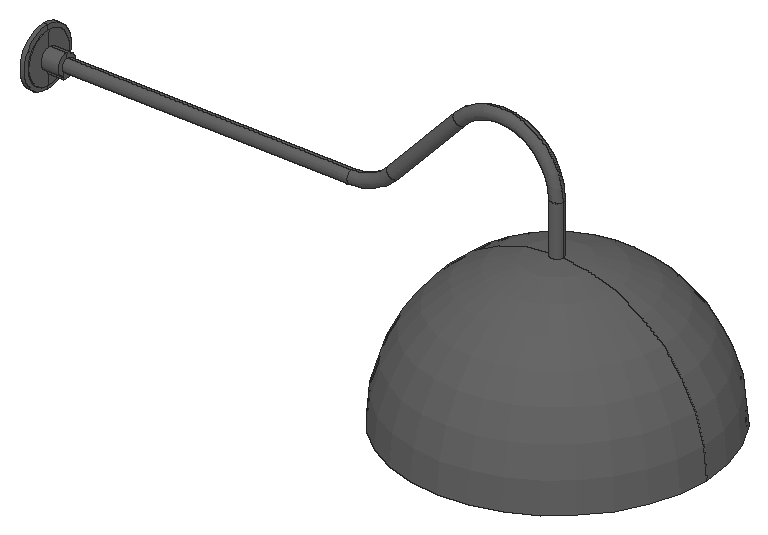
Revit family "OSSD 20,24,36,42 MB", category Lighting Fixtures, Revit 2020
Family settings
  Round Connector Dimension = Use Diameter
  Part Type = Normal
  OmniClass Number = 23.80.70.00
  OmniClass Title = Lighting
  Work Plane-Based = No
  Always vertical = Yes
  Cut with Voids When Loaded = No
  Light Source = Yes
  Shared = No
  Room Calculation Point = No
Parameters (values of type "OSSD24")
  b = 0' - 2"
  a = 0' - 10"
  Weight = "10.0 lbs"
  Wattage Comments = "200 W MAX"  # constant formula
  Wattage = 20.1963 W
  Warranty = "5 year limited warranty"  # constant formula
  built-in parameter 1150110 = 1 (stored number, unit not read)
  Voltage = 277 V  # constant formula
  URL = "https://www.anplighting.com/assets/Uploads/product-attachments/specification-sheets/ANP-Specification-Sheet-RLM-MB-OSSD24..pdf"
  built-in parameter 1114217 = 1 (stored number, unit not read)
  Tilt Angle = 90.00°
  built-in parameter 1150109 = 1 (stored number, unit not read)
  built-in parameter 1150134 = 12
  built-in parameter 1150113 = 1 (stored number, unit not read)
  Photometric Web File = "OSSD30M037LDDW35K.ies"
  OSSD42 = no
  OSSD36 = no
  OSSD30 = no
  OSSD24 = yes
  Mounting Option [instance] = 4
  Power Factor = 1
  Post Mount [instance] = Mounting Option = 5  # no
  Placement X axis side [instance] = if(Post Mount, 2' 2 15/32", if(Cord or Stem Mount, 0' 0", if(E36 20 inch, 1' 8 1/4", if(E 6 26 inch, 2' 2", if(E7 41 inch, 3' 5 1/4", 0' 1")))))  # 3' - 5 1/4"
  Model = "OSSD24"
  Manufacturer = "ANP Lighting"  # constant formula
  built-in parameter 1150105 = 238.73 (stored number, unit not read)
  Lumens = 3000 lm
  built-in parameter 1150115 = 1 (stored number, unit not read)
  Load Classification = Lighting
  Light Source Height [instance] = 0' - 0"
  built-in parameter 1150137 = (empty or 0)
  built-in parameter 1150139 = (empty or 0)
  Light Elevation _2 [instance] = if(Post Mount, 0' 0.66142", if(E7 41 inch, 0' 0.66142", if(E36 20 inch, 0' 1.65748", if(E 6 26 inch, 0' 1.53543", if(Cord or Stem Mount, (0' 4.3622" + Cord Length), 0' 0")))))  # 0' - 0.66142"
  Light Elevation _1 [instance] = if(Post Mount, 0' 0", if(E7 41 inch, 0' 0", if(E36 20 inch, 0' 1", if(E 6 26 inch, 0' 0.87402", if(Cord or Stem Mount, (0' 3.66142" + Cord Length), 0' 0")))))  # 0' - 0"
  Light Elevation [instance] = if(Post Mount, 14' 0.5315", if(E7 41 inch, 0' 0", 0' 0"))  # 0' - 0"
  Life = "L70 50,000 hours"  # constant formula
  built-in parameter 1150112 = 1 (stored number, unit not read)
  built-in parameter 1150114 = 1 (stored number, unit not read)
  Lamp = "MB"  # constant formula
  built-in parameter 1150132 = 2
  built-in parameter 1150102 = (empty or 0)
  built-in parameter 1150107 = 4000 (stored number, unit not read)
  built-in parameter 1150138 = (empty or 0)
  built-in parameter 1150106 = 2.3873 (stored number, unit not read)
  INSIDE BODY = Default
  Fixture Height = 1' - 0"
  Fixture Diameter = 2' - 0"
  Efficiency = "65-125 lumens per watt"  # constant formula
  built-in parameter 1150104 = 13.8 (stored number, unit not read)
  E7 41 inch [instance] = Mounting Option = 4  # yes
  E36 20 inch [instance] = Mounting Option = 3  # no
  E 6 26 inch [instance] = Mounting Option = 2  # no
  Dimming Lamp Color Temperature Shift = <None>
  Dimming = "1%"  # constant formula
  Description = "120-277 Voltage"  # constant formula
  Default Elevation = 0' - 0"
  Cord or Stem Mount [instance] = Mounting Option = 1  # no
  Cord Length option [instance] = 0
  Cord Length [instance] = if([2' Cord], 2' 0", if([4' Cord], 4' 0", if([8' Cord], 8' 0", if([10' Cord], 10' 0", if([6' Cord], 6' 0", 6' 0")))))  # 6' - 0"
  Construction Material = "Heavy Duty spun aluminum."  # constant formula
  Color Filter = 16777215
  Canopy Body = body
  CRI = ">90"  # constant formula
  Bulb = BULB
  Body Material = body
  Body Colour = "Spun aluminium"  # constant formula
  built-in parameter 1114218 = 1 (stored number, unit not read)
  built-in parameter 1150133 = 10 (stored number, unit not read)
  Apparent Load = 200 VA  # constant formula
  8' Cord [instance] = Cord Length option = 8  # no
  6' Cord [instance] = Cord Length option = 6  # no
  4' Cord [instance] = Cord Length option = 4  # no
  2' Cord [instance] = Cord Length option = 2  # no
  10' Cord [instance] = Cord Length option = 10  # no
Types (5): name | a | Weight | Wattage | URL | built-in parameter 1150134 | Photometric Web File | OSSD42 | OSSD36 | OSSD30 | OSSD24 | Model | built-in parameter 1150105 | Lumens | built-in parameter 1150107 | built-in parameter 1150106 | Fixture Height | Fixture Diameter
  (no name) | 0' - 10" | "10.0 lbs" | 20.1963 W | "https://www.anplighting.com/assets/Uploads/product-attachments/specification-sheets/ANP-Specification-Sheet-RLM-MB-OSSD24..pdf" | 12 | "OSSD30M037LDDW35K.ies" | no | no | no | yes | "OSSD24" | 238.73 (stored number, unit not read) | 3000 lm | 4000 (stored number, unit not read) | 2.3873 (stored number, unit not read) | 1' - 0" | 2' - 0"
  OSSD24 | 0' - 10" | "10.0 lbs" | 20.1963 W | "https://www.anplighting.com/assets/Uploads/product-attachments/specification-sheets/ANP-Specification-Sheet-RLM-MB-OSSD24..pdf" | 12 | "OSSD30M037LDDW35K.ies" | no | no | no | yes | "OSSD24" | 238.73 (stored number, unit not read) | 3000 lm | 4000 (stored number, unit not read) | 2.3873 (stored number, unit not read) | 1' - 0" | 2' - 0"
  OSSD30 | 0' - 11" | "13.0 lbs" | 26.9284 W | "https://www.anplighting.com/assets/Uploads/product-attachments/specification-sheets/ANP-Specification-Sheet-RLM-MB-OSSD30.pdf" | (empty or 0) | "OSSD30M037LDDW35K.ies" | no | no | yes | no | "OSSD30" | 4000 (stored number, unit not read) | 4000 lm | 3500 (stored number, unit not read) | 40 (stored number, unit not read) | 1' - 0" | 2' - 0"
  OSSD36 | 0' - 10" | "18.0 lbs" | 26.9284 W | "https://www.anplighting.com/assets/Uploads/product-attachments/specification-sheets/ANP-Specification-Sheet-RLM-MB-OSSD36.pdf" | (empty or 0) | "OSSD36M037LDDW35K.ies" | no | yes | no | no | "OSSD36" | 4000 (stored number, unit not read) | 4000 lm | 3500 (stored number, unit not read) | 40 (stored number, unit not read) | 1' - 6" | 3' - 0"
  OSSD42 | 0' - 10" | "23.5lbs" | 26.9284 W | "https://www.anplighting.com/assets/Uploads/product-attachments/specification-sheets/ANP-Specification-Sheet-RLM-MB-OSSD42.pdf" | (empty or 0) | "OSSD42M037LDDW35K.ies" | yes | no | no | no | "OSSD42" | 4000 (stored number, unit not read) | 4000 lm | 3500 (stored number, unit not read) | 40 (stored number, unit not read) | 1' - 9" | 3' - 6"
Reference planes (in)
  plane 1 "Light Source Axis (F/B)": y = 0
  plane 2: z = 0
  plane 3 "Light Source Axis (L/R)": x = 0
  plane 4 "Light Source Elevation": z = 0
  plane 5: z = 0
  plane 6: x = 41.25
  plane 7 "Bulb Position": z = -0.66142
  plane 8 "Canopy Position": z = 0
  plane 9 "IES": z = -0.66142
  plane 10: z = 164.5315
  plane 11: z = -10
  plane 12: z = -8
  plane 13: z = -5.56887
Dimensions and locks (in)
  "Light Elevation": plane 5 to plane 2
  "Placement X axis side": plane 6 to plane 3 "Light Source Axis (L/R)"
  "Light Elevation _2": plane 5 to plane 7 "Bulb Position"
  "Light Elevation _1": plane 5 to plane 8 "Canopy Position"
  "Light Source Height": plane 7 "Bulb Position" to plane 9 "IES"
  plane 4 "Light Source Elevation" to plane 2 = 0' - 0"
  "a": plane 8 "Canopy Position" to plane 11
  "b": plane 12 to plane 11
  locked: plane 13 to plane 12 at 2.43113
  aligned and locked: level to plane 2
  aligned and locked: plane 1 "Light Source Axis (F/B)" to nested 5
  aligned and locked: nested 5 to plane 2
  aligned and locked: nested 1 to plane 3 "Light Source Axis (L/R)"
  aligned and locked: plane 3 "Light Source Axis (L/R)" to nested 2
  aligned and locked: plane 3 "Light Source Axis (L/R)" to nested 4
  aligned and locked: nested 3 to plane 5
  aligned and locked: plane 3 "Light Source Axis (L/R)" to nested 3
  aligned and locked: plane 3 "Light Source Axis (L/R)" to nested 5
  aligned and locked: plane 1 "Light Source Axis (F/B)" to nested 2
  aligned and locked: plane 1 "Light Source Axis (F/B)" to nested 1
  aligned and locked: plane 1 "Light Source Axis (F/B)" to nested 4
  aligned and locked: plane 1 "Light Source Axis (F/B)" to nested 3
  aligned and locked: plane 2 to nested 1
  aligned and locked: nested 2 to plane 2
  aligned and locked: nested 4 to plane 2
  aligned and locked: plane 6 to imposter light
  aligned and locked: imposter light to plane 12
  aligned and locked: nested 6 to plane 8 "Canopy Position"
  aligned and locked: nested 7 to plane 8 "Canopy Position"
  aligned and locked: nested 8 to plane 8 "Canopy Position"
  aligned and locked: plane 6 to nested 6
  aligned and locked: plane 6 to nested 7
  aligned and locked: plane 6 to nested 8
  aligned and locked: nested 9 to plane 8 "Canopy Position"
  aligned and locked: plane 6 to nested 9
  aligned and locked: plane 1 "Light Source Axis (F/B)" to nested 9
Nested families (in)
  nested 1: "CORD OR STEM MOUNT" at (0, 0, -75.67), visible <- "Cord or Stem Mount", Cord or Stem Mount <- "Cord or Stem Mount", Body Material <- "Body Material", Light Elevation <- "Light Elevation", Cord Length <- "Cord Length", 10' Cord <- "10' Cord", 2' Cord <- "2' Cord", 4' Cord <- "4' Cord", 6' Cord <- "6' Cord", 8' Cord <- "8' Cord", type "CORD OR STEM MOUNT"
    with Light Elevation 0' - 0", Cord or Stem Mount no, Cord Length 6' - 0", Body Material body, 8' Cord no, 6' Cord no, 4' Cord no, 2' Cord no, 10' Cord no
  nested 2: "E6 26 INCH" at (41.25, 0, 0), visible <- "E 6 26 inch", Chain Length <- "Cord Length", E 6 26 inch <- "E 6 26 inch", Placement X axis side <- "Placement X axis side", Body Material <- "Body Material", Light Elevation <- "Light Elevation", type "E6 26 INCH"
    with Placement X axis side 3' - 5 1/4", Light Elevation 0' - 0", E 6 26 inch no, Chain Length 6' - 0", Body Material body
  nested 3: "E7 41 INCH" at (41.25, 0, 0), Chain Length <- "Cord Length", visible <- "E7 41 inch", E7 41 inch <- "E7 41 inch", Placement X axis side <- "Placement X axis side", Body Material <- "Body Material", Light Elevation <- "Light Elevation", type "E7 41 INCH"
    with Placement X axis side 3' - 5 1/4", Light Elevation 0' - 0", E7 41 inch yes, Chain Length 6' - 0", Body Material body
  nested 4: "E36 20 INCH" at (41.25, 0, 0), visible <- "E36 20 inch", E36 20 inch <- "E36 20 inch", Placement X axis side <- "Placement X axis side", Chain Length <- "Cord Length", Body Material <- "Body Material", Light Elevation <- "Light Elevation", type "E36 20 INCH"
    with Placement X axis side 3' - 5 1/4", Light Elevation 0' - 0", E36 20 inch no, Chain Length 6' - 0", Body Material body
  nested 5: "POST MOUNT" at (41.25, 0, 0), visible <- "Post Mount", Post Mount <- "Post Mount", Placement X axis side <- "Placement X axis side", Chain Length <- "Cord Length", Body Material <- "Body Material", Light Elevation <- "Light Elevation", type "POST MOUNT"
    with Post Mount no, Placement X axis side 3' - 5 1/4", Light Elevation 0' - 0", Chain Length 6' - 0", Body Material body
  nested 6: "OSSD 30 A" at (41.25, 0, 0), Light Elevation <- "Light Elevation", Bulb <- "Bulb", Body <- "Canopy Body", OSSD30 <- "OSSD30", visible <- "OSSD30", INSIDE BODY <- "Canopy Body", type "OSSD 30 A"
    with OSSD30 no, Light Elevation 0' - 0", INSIDE BODY body, Bulb BULB, Body body
  nested 7: "OSSD 36 A" at (41.25, 0, 0.11044), Light Elevation <- "Light Elevation", Bulb <- "Bulb", Body <- "Canopy Body", OSSD36 <- "OSSD36", visible <- "OSSD36", INSIDE BODY <- "Canopy Body", type "OSSD 36 A"
    with OSSD36 no, Light Elevation 0' - 0", INSIDE BODY body, Bulb BULB, Body body
  nested 8: "OSSD42 A" at (41.25, 0, 0), Light Elevation <- "Light Elevation", Bulb <- "Bulb", Body <- "Canopy Body", OSSD42 <- "OSSD42", visible <- "OSSD42", INSIDE BODY <- "Canopy Body", type "OSSD42 A"
    with OSSD42 no, Light Elevation 0' - 0", INSIDE BODY body, Bulb BULB, Body body
  nested 9: "OSSD 24 A" at (41.25, 0, 0), OSSD24 <- "OSSD24", visible <- "OSSD24", Body <- "Canopy Body", Bulb <- "Bulb", INSIDE BODY <- "Canopy Body", Light Elevation <- "Light Elevation", type "OSSD 24 A"
    with OSSD24 yes, Light Elevation 0' - 0", INSIDE BODY body, Bulb BULB, Body body
Definition of nested family "E7 41 INCH"
  Parameters (values of type "E7 41 INCH")
    URL = ""
    Placement X axis side [instance] = 4' - 2"
    Model = ""
    Manufacturer = ""
    Light Elevation [instance] = 8' - 4"
    E7 41 inch [instance] = yes
    Default Elevation = 0' - 0"
    Chain Length [instance] = 0' - 0"
    Body Material [instance] = none
  Reference planes (in)
    plane 1 "Light Source Axis (F/B)": y = 0
    plane 2: z = 0
    plane 3 "Light Source Axis (L/R)": x = 0
    plane 4 "Light Source Elevation": z = 23.125
    plane 5: z = 100
    plane 6: x = -50
  Forms (in)
    Extrusion 1, void, not visible
      sketch origin (0, 0, 2.38154) x (1, 0, 0) y (0, 0, 1)
        loop
          circle (0, 4.59925) r 0.16583
      from 1.18594 to 1.75
    Extrusion 2, void, not visible
      sketch origin (0, 0, 2.38154) x (0.707107, -0.707107, 0) y (0, 0, 1)
        loop
          circle (0, 4.59925) r 0.16583
      from 1.18594 to 1.75
    Extrusion 3, void, not visible
      sketch origin (0, 0, 2.38154) x (0.707107, 0.707107, 0) y (0, 0, 1)
        loop
          circle (0, 4.59925) r 0.16583
      from 1.18594 to 1.75
    Extrusion 4, void, not visible
      sketch origin (0, 0, 2.38154) x (0, 1, 0) y (0, 0, 1)
        loop
          circle (0, 4.59925) r 0.16583
      from 1.18594 to 1.75
    Extrusion 5, void, not visible
      sketch origin (0, 0, 2.38154) x (-0.707107, 0.707107, 0) y (0, 0, 1)
        loop
          circle (0, 4.59925) r 0.16583
      from 1.18594 to 1.75
    Extrusion 6, void, not visible
      sketch origin (0, 0, 2.38154) x (-1, 0, 0) y (0, 0, 1)
        loop
          circle (0, 4.59925) r 0.20678
      from 1.18594 to 1.75
    Extrusion 7, void, not visible
      sketch origin (0, 0, 2.38154) x (-0.707107, -0.707107, 0) y (0, 0, 1)
        loop
          circle (0, 4.59925) r 0.16583
      from 1.18594 to 1.75
    Extrusion 8, void, not visible
      sketch origin (0, 0, 2.38154) x (0, -1, 0) y (0, 0, 1)
        loop
          circle (0, 4.59925) r 0.16583
      from 1.18594 to 1.75
    Revolve 9, solid, material <- "Body Material", visible <- "E7 41 inch"
      sketch origin (-41.25, 0, 168.39193) x (1, 0, 0) y (0, 0, 1)
        loop
          line (-8.75, -66.20443) -> (-8.75, -68.51693) -> (-6.87, -68.51693) -> (-6.87, -67.69272) -> (-8.2974, -67.69272) -> (-8.2974, -66.54122) -> (-8.41875, -66.54122) -> (-8.41875, -66.20443) -> (-8.75, -66.20443)
        axis (-8.75, -68.51693) -> (-6.87, -68.51693)
      angle from 0 to 360
    Extrusion 10, solid, material <- "Body Material", visible <- "E7 41 inch"
      sketch origin (-41.25, 0, 168.39193) x (0, -1, 0) y (0, 0, -1)
        loop
          line (0.25, 68.51693) -> (0.25, 69.51693) -> (-0.25, 69.51693) -> (-0.25, 68.51693) -> (0.25, 68.51693)
      from -8.2974 to -6.87
    Sweep 11, solid, material <- "Body Material", visible <- "E7 41 inch"
      path origin (-41.25, 0, 168.39193) x (1, 0, 0) y (0, 0, 1)
        loop
          line (-6.87, -68.51693) -> (16.04011, -68.51693)
          arc (16.04011, -68.51693) -> (17.864, -68.13651) -> (19.38375, -67.0587) r 4.5625
          line (19.38375, -67.0587) -> (24.70217, -61.33018)
          arc (24.70217, -61.33018) -> (29.64465, -60.20324) -> (32.5, -64.39193) r 4.5
          line (32.5, -64.39193) -> (32.5, -68.39193)
      profile origin (-36.66494, 0, 99.875) x (0, 0, 1) y (0, -1, 0)
        loop
          circle (0, 0) r 0.5
  Dimensions and locks (in)
    "Placement X axis side": plane 3 "Light Source Axis (L/R)" to plane 6
    "Light Elevation": plane 5 to plane 2
    locked: Revolve 9 sketch curve to Revolve 9 sketch curve at 0.33125
    locked: Revolve 9 sketch curve to Revolve 9 sketch curve at 0.4526
    locked: Revolve 9 sketch curve to Revolve 9 sketch curve at 1.88
    locked: Revolve 9 sketch curve to Revolve 9 sketch curve at 0.82421
    locked: Revolve 9 sketch curve to Revolve 9 sketch curve at 1.1515
    locked: Revolve 9 sketch curve to Revolve 9 sketch curve at 0.33679
    locked: plane 5 to Revolve 9 sketch curve at 0.125
    locked: Extrusion 10 sketch curve to Extrusion 10 sketch curve at 0.5
    locked: Extrusion 10 sketch curve to Extrusion 10 sketch curve at 1
    locked: plane 5 to Extrusion 10 sketch curve at 0.125
    locked: plane 5 to Sweep 11 sketch curve at 0.125
    locked: Sweep 11 sketch curve to Sweep 11 sketch curve at 39.37
    locked: Sweep 11 sketch curve to Sweep 11 sketch curve at 4
    locked: plane 6 to Extrusion 10 at 0.4526
    locked: Sweep 11 sketch curve to plane 6 at 1.88
    locked: Extrusion 10 to Extrusion 10 at 1.4274
    aligned and locked: plane 2 to level
    aligned and locked: Revolve 9 sketch curve to plane 6
  Automatic sketch dimensions
    Revolve 9 sketch curve to plane 5 = 0' - 0 1/8"
    plane 6 to Revolve 9 sketch curve = 0' - 0.62562"
    Revolve 9 sketch curve to Revolve 9 sketch curve = 0' - 0 1/2"
    plane 1 "Light Source Axis (F/B)" to Extrusion 10 sketch curve = 0' - 0 1/4"
    Sweep 11 sketch curve to plane 5 = 0' - 0"
    Sweep 11 sketch curve to Sweep 11 sketch curve = 0' - 4 1/2"
    Sweep 11 sketch curve to Sweep 11 sketch curve = 0' - 3.29783"
    plane 5 to Sweep 11 sketch curve = 0' - 1.33323"
    Sweep 11 sketch curve to Sweep 11 sketch curve = 0' - 5.31842"
    Sweep 11 sketch curve to Sweep 11 sketch curve = 0' - 3.34364"
    profile plane to Sweep 11 sketch curve = 0' - 0"
    Sweep 11 sketch curve to profile plane = 0' - 0"
    radius of Sweep 11 sketch curve = 0' - 0 1/2"
Definition of nested family "OSSD 24 A"
  Parameters (values of type "OSSD 24 A")
    OSSD24 [instance] = yes
    Light Elevation [instance] = 0' - 0"
    INSIDE BODY [instance] = none
    Default Elevation = 0' - 0"
    Bulb [instance] = none
    Body [instance] = none
  Reference planes (in)
    plane 1 "Center (Front/Back)": y = 0
    plane 2: z = 0
    plane 3 "Center (Left/Right)": x = 0
    plane 4: z = 0
  Dimensions and locks (in)
    "Light Elevation": plane 4 to plane 2
    aligned and locked: plane 2 to level
    aligned and locked: plane 3 "Center (Left/Right)" to nested 1
    aligned and locked: plane 1 "Center (Front/Back)" to nested 1
    aligned and locked: nested 1 to plane 4
  Nested families (in)
    nested 1: "OSSD24" at (0, 0, -11.9993), INSIDE BODY <- "INSIDE BODY", Bulb <- "Bulb", Body <- "Body", OSSD24 <- "OSSD24", visible <- "OSSD24", type "OSSD24"
      with OSSD24 yes, INSIDE BODY none, Bulb none, Body none
  Definition of nested family "OSSD24"
    Parameters (values of type "OSSD24")
      OSSD24 [instance] = yes
      INSIDE BODY [instance] = none
      Default Elevation = 0' - 0"
      Bulb [instance] = none
      Body [instance] = none
    Reference planes (in)
      plane 1 "Center (Front/Back)": y = 0
      plane 2: z = 0
      plane 3 "Center (Left/Right)": x = 0
    Forms (in)
      Revolve 1, solid, material <- "Body", visible <- "OSSD24"
        sketch origin (0, 0, 0) x (1, 0, 0) y (0, 0, 1)
          loop
            arc (-0.13, 11.9993) -> (-8.53112, 8.43919) -> (-12, 0) r 12
            line (-12, 0) -> (-11.92187, 0)
            arc (-11.92187, 0) -> (-8.47588, 8.38395) -> (-0.13, 11.92117) r 11.92188
            line (-0.13, 11.92117) -> (-0.13, 11.9993)
          axis (0, 11.9993) -> (0, 0)
        angle from 0 to 360
      Revolve 2, solid, material <- "INSIDE BODY", visible <- "OSSD24"
        sketch origin (0.11071, 0, 0) x (1, 0, 0) y (0, 0, 1)
          loop
            arc (-0.13, 11.8743) -> (-8.48705, 8.35851) -> (-11.99935, 0) r 12
            line (-11.99935, 0) -> (-11.92122, 0)
            arc (-11.92122, 0) -> (-8.43181, 8.30327) -> (-0.13, 11.79617) r 11.92188
            line (-0.13, 11.79617) -> (-0.13, 11.8743)
          axis (-0.11071, 11.8743) -> (-0.11071, 0)
        angle from 0 to 360
      Revolve 3, solid, material <- "Bulb", visible <- "OSSD24"
        sketch origin (0, 0, 0) x (1, 0, 0) y (0, 0, 1)
          loop
            line (0, 10) -> (0.5625, 10) -> (0.5625, 11) -> (0.22656, 11) -> (0.22656, 11.25) -> (0, 11.25) -> (0, 11.15) -> (0.12656, 11.15) -> (0.12656, 10.9) -> (0.4625, 10.9) -> (0.4625, 10.1) -> (0, 10.1) -> (0, 10)
          axis (0, 10) -> (0, 11.25)
        angle from 0 to 360
    Dimensions and locks (in)
      locked: Revolve 3 to plane 2 at 10
      aligned and locked: plane 2 to level
      aligned and locked: plane 2 to Revolve 1 sketch curve
Definition of nested family "CORD OR STEM MOUNT"
  Parameters (values of type "CORD OR STEM MOUNT")
    URL = ""
    Model = ""
    Manufacturer = ""
    Light Elevation [instance] = 1' - 7.69"
    Default Elevation = 0' - 0"
    Cord or Stem Mount [instance] = yes
    Cord Length [instance] = 6' - 0"
    Body Material [instance] = none
    8' Cord [instance] = no
    6' Cord [instance] = no
    4' Cord [instance] = no
    2' Cord [instance] = no
    10' Cord [instance] = no
  Reference planes (in)
    plane 1 "Light Source Axis (F/B)": y = 0
    plane 2: z = 0
    plane 3 "Light Source Axis (L/R)": x = 0
    plane 4 "Light Source Elevation": z = 23.125
    plane 5: z = 91.69
    plane 6: z = 19.69
  Forms (in)
    Extrusion 1, void, not visible
      sketch origin (0, 0, 2.38154) x (1, 0, 0) y (0, 0, 1)
        loop
          circle (0, 4.59925) r 0.16583
      from 1.18594 to 1.75
    Extrusion 2, void, not visible
      sketch origin (0, 0, 2.38154) x (0.707107, -0.707107, 0) y (0, 0, 1)
        loop
          circle (0, 4.59925) r 0.16583
      from 1.18594 to 1.75
    Extrusion 3, void, not visible
      sketch origin (0, 0, 2.38154) x (0.707107, 0.707107, 0) y (0, 0, 1)
        loop
          circle (0, 4.59925) r 0.16583
      from 1.18594 to 1.75
    Extrusion 4, void, not visible
      sketch origin (0, 0, 2.38154) x (0, 1, 0) y (0, 0, 1)
        loop
          circle (0, 4.59925) r 0.16583
      from 1.18594 to 1.75
    Extrusion 5, void, not visible
      sketch origin (0, 0, 2.38154) x (-0.707107, 0.707107, 0) y (0, 0, 1)
        loop
          circle (0, 4.59925) r 0.16583
      from 1.18594 to 1.75
    Extrusion 6, void, not visible
      sketch origin (0, 0, 2.38154) x (-1, 0, 0) y (0, 0, 1)
        loop
          circle (0, 4.59925) r 0.20678
      from 1.18594 to 1.75
    Extrusion 7, void, not visible
      sketch origin (0, 0, 2.38154) x (-0.707107, -0.707107, 0) y (0, 0, 1)
        loop
          circle (0, 4.59925) r 0.16583
      from 1.18594 to 1.75
    Extrusion 8, void, not visible
      sketch origin (0, 0, 2.38154) x (0, -1, 0) y (0, 0, 1)
        loop
          circle (0, 4.59925) r 0.16583
      from 1.18594 to 1.75
    Revolve 9, solid, material <- "Body Material", visible <- "Cord or Stem Mount"
      sketch origin (0, 0, 174.56698) x (1, 0, 0) y (0, 0, 1)
        loop
          line (2.6875, -79.20698) -> (0, -79.20698) -> (0, -82.87698) -> (0.125, -82.87698) -> (0.125, -82.83698) -> (0.75, -82.83698)
          arc (0.75, -82.83698) -> (0.81694, -82.77004) -> (0.75, -82.7031) r 0.06694
          line (0.75, -82.7031) -> (0.89763, -82.7031) -> (1.00223, -82.5985) -> (1.06587, -82.5985)
          arc (1.06587, -82.5985) -> (1.80099, -82.29401) -> (2.10549, -81.55888) r 1.03962
          line (2.10549, -81.55888) -> (2.10549, -81.03899)
          arc (2.10549, -81.03899) -> (2.12951, -80.981) -> (2.1875, -80.95698) r 0.08201
          line (2.1875, -80.95698) -> (2.1875, -80.70698) -> (2.6875, -80.70698) -> (2.6875, -79.20698)
        axis (0, -79.20698) -> (0, -82.87698)
      angle from 0 to 360
    Revolve 10, solid, material <- "Body Material", visible <- "Cord or Stem Mount"
      sketch origin (0, 0, 0) x (1, 0, 0) y (0, 0, 1)
        loop
          line (0, 91.69) -> (-0.125, 91.69) -> (-0.125, 19.69) -> (0, 19.69) -> (0, 91.69)
        axis (0, 19.69) -> (0, 91.69)
      angle from 0 to 360
  Dimensions and locks (in)
    "Light Elevation": plane 6 to plane 2
    "Cord Length": plane 5 to plane 6
    locked: Revolve 10 sketch curve to Revolve 10 sketch curve at 0.125
    aligned and locked: level to plane 2
    aligned and locked: Revolve 10 sketch curve to plane 3 "Light Source Axis (L/R)"
    aligned and locked: Revolve 10 sketch curve to plane 6
    aligned and locked: Revolve 10 sketch curve to plane 5
    aligned and locked: plane 3 "Light Source Axis (L/R)" to Revolve 10 sketch curve
  Automatic sketch dimensions
    Revolve 9 sketch curve to plane 3 "Light Source Axis (L/R)" = 0' - 0"  (x2)
    Revolve 9 sketch curve to plane 5 = 0' - 0"
    plane 3 "Light Source Axis (L/R)" to Revolve 9 sketch curve = 0' - 0 1/8"
    Revolve 9 sketch curve to plane 5 = 0' - 0.17388"
    Revolve 9 sketch curve to Revolve 9 sketch curve = 0' - 0 5/8"
    Revolve 9 sketch curve to Revolve 9 sketch curve = 0' - 0.14763"
    Revolve 9 sketch curve to plane 5 = 0' - 0.27847"
    Revolve 9 sketch curve to Revolve 9 sketch curve = 0' - 0.1046"
    Revolve 9 sketch curve to Revolve 9 sketch curve = 0' - 0.06364"
    Revolve 9 sketch curve to Revolve 9 sketch curve = 0' - 1.03962"
    Revolve 9 sketch curve to Revolve 9 sketch curve = 0' - 0 21/256"
    Revolve 9 sketch curve to Revolve 9 sketch curve = 0' - 0 1/2"  (x2)
    Revolve 9 sketch curve to Revolve 9 sketch curve = 0' - 0.51989"
    Revolve 9 sketch curve to Revolve 9 sketch curve = 0' - 0 1/4"
    Revolve 9 sketch curve to Revolve 9 sketch curve = 0' - 2.3519"
    Revolve 9 sketch curve to Revolve 9 sketch curve = 0' - 1 1/4"
    Revolve 9 sketch curve to Revolve 9 sketch curve = 0' - 0.04"
    Revolve 10 sketch curve to Revolve 10 sketch curve = 0' - 0 1/2"
    Revolve 10 sketch curve to Revolve 10 sketch curve = 0' - 0.42345"
Definition of nested family "E6 26 INCH"
  Parameters (values of type "E6 26 INCH")
    URL = ""
    Placement X axis side [instance] = 2' - 2"
    Model = ""
    Manufacturer = ""
    Light Elevation [instance] = 8' - 4"
    E 6 26 inch [instance] = yes
    Default Elevation = 0' - 0"
    Chain Length [instance] = 0' - 0"
    Body Material [instance] = none
  Reference planes (in)
    plane 1 "Light Source Axis (F/B)": y = 0
    plane 2: z = 0
    plane 3 "Light Source Axis (L/R)": x = 0
    plane 4 "Light Source Elevation": z = 23.125
    plane 5: z = 100
    plane 6: x = -26
    plane 7: z = 99.125
    plane 8: x = -24.12
    plane 9: x = -25.5474
  Forms (in)
    Extrusion 1, void, not visible
      sketch origin (0, 0, 2.38154) x (1, 0, 0) y (0, 0, 1)
        loop
          circle (0, 4.59925) r 0.16583
      from 1.18594 to 1.75
    Extrusion 2, void, not visible
      sketch origin (0, 0, 2.38154) x (0.707107, -0.707107, 0) y (0, 0, 1)
        loop
          circle (0, 4.59925) r 0.16583
      from 1.18594 to 1.75
    Extrusion 3, void, not visible
      sketch origin (0, 0, 2.38154) x (0.707107, 0.707107, 0) y (0, 0, 1)
        loop
          circle (0, 4.59925) r 0.16583
      from 1.18594 to 1.75
    Extrusion 4, void, not visible
      sketch origin (0, 0, 2.38154) x (0, 1, 0) y (0, 0, 1)
        loop
          circle (0, 4.59925) r 0.16583
      from 1.18594 to 1.75
    Extrusion 5, void, not visible
      sketch origin (0, 0, 2.38154) x (-0.707107, 0.707107, 0) y (0, 0, 1)
        loop
          circle (0, 4.59925) r 0.16583
      from 1.18594 to 1.75
    Extrusion 6, void, not visible
      sketch origin (0, 0, 2.38154) x (-1, 0, 0) y (0, 0, 1)
        loop
          circle (0, 4.59925) r 0.20678
      from 1.18594 to 1.75
    Extrusion 7, void, not visible
      sketch origin (0, 0, 2.38154) x (-0.707107, -0.707107, 0) y (0, 0, 1)
        loop
          circle (0, 4.59925) r 0.16583
      from 1.18594 to 1.75
    Extrusion 8, void, not visible
      sketch origin (0, 0, 2.38154) x (0, -1, 0) y (0, 0, 1)
        loop
          circle (0, 4.59925) r 0.16583
      from 1.18594 to 1.75
    Sweep 9, solid, material <- "Body Material", visible <- "E 6 26 inch"
      path origin (-41.25, 0, 168.51693) x (1, 0, 0) y (0, 0, 1)
        loop
          line (17.13, -68.51693) -> (27.68551, -68.51693)
          arc (27.68551, -68.51693) -> (28.47996, -68.34486) -> (29.13202, -67.8595) r 1.92004
          line (29.13202, -67.8595) -> (34.23651, -62.01155)
          arc (34.23651, -62.01155) -> (38.65464, -60.89667) -> (41.25, -64.64193) r 4
          line (41.25, -64.64193) -> (41.25, -69.39193)
      profile origin (-18.84224, 0, 100) x (0, 0, 1) y (0, -1, 0)
        loop
          circle (0, 0) r 0.5
    Revolve 10, solid, material <- "Body Material", visible <- "E 6 26 inch"
      sketch origin (-26, 0, 168.51693) x (1, 0, 0) y (0, 0, 1)
        loop
          line (0, -66.07943) -> (0, -68.51693) -> (1.88, -68.51693) -> (1.88, -67.69272) -> (0.4526, -67.69272) -> (0.4526, -66.54122) -> (0.33125, -66.54122) -> (0.33125, -66.07943) -> (0, -66.07943)
        axis (0, -68.51693) -> (1.88, -68.51693)
      angle from 0 to 360
    Extrusion 11, solid, material <- "Body Material", visible <- "E 6 26 inch"
      sketch origin (-26, 0, 168.51693) x (0, -1, 0) y (0, 0, -1)
        loop
          line (0.25, 68.51693) -> (0.25, 69.51693) -> (-0.25, 69.51693) -> (-0.25, 68.51693) -> (0.25, 68.51693)
      from 0.4526 to 1.88
  Cuts and joins
    joined: Revolve 10, Extrusion 11
  Dimensions and locks (in)
    "Light Elevation": plane 5 to plane 2
    "Placement X axis side": plane 3 "Light Source Axis (L/R)" to plane 6
    locked: plane 5 to plane 7 at 0.875
    Revolve 10 sketch curve to Revolve 10 sketch curve to Revolve 10 sketch curve to plane 6 = 0' - 1.4274" locked, 0' - 0.12135" locked, 0' - 0.33125" locked
    Revolve 10 sketch curve to Revolve 10 sketch curve to Revolve 10 sketch curve to plane 5 = 0' - 0.46179" locked, 0' - 1.1515" locked, 0' - 0 211/256" locked
    locked: Sweep 9 sketch curve to plane 6 at 1.88
    locked: Sweep 9 sketch curve to Sweep 9 sketch curve at 10.55551
    locked: Sweep 9 sketch curve to Sweep 9 sketch curve at 13.56449
    locked: Sweep 9 sketch curve to Sweep 9 sketch curve at 4.75
    locked: plane 9 to plane 6 at 0.4526
    locked: plane 8 to plane 9 at 1.4274
    aligned and locked: level to plane 2
    aligned and locked: Revolve 10 sketch curve to plane 6
    aligned and locked: plane 5 to Revolve 10 sketch curve
    aligned and locked: Revolve 10 sketch curve to plane 5
    aligned and locked: cut or joined group of Revolve 10, Extrusion 11 to plane 9
    aligned and locked: plane 8 to cut or joined group of Revolve 10, Extrusion 11
  Automatic sketch dimensions
    Sweep 9 sketch curve to plane 5 = 0' - 0"
    Sweep 9 sketch curve to Sweep 9 sketch curve = 0' - 4"
    Sweep 9 sketch curve to Sweep 9 sketch curve = 0' - 3.01349"
    plane 5 to Sweep 9 sketch curve = 0' - 0.65743"
    Sweep 9 sketch curve to Sweep 9 sketch curve = 0' - 1.4465"
    Sweep 9 sketch curve to plane 5 = 0' - 0 7/8"
    profile plane to Sweep 9 sketch curve = 0' - 0"
    Sweep 9 sketch curve to profile plane = 0' - 0"
    plane 6 to Revolve 10 sketch curve = 0' - 0.62562"
    Revolve 10 sketch curve to Revolve 10 sketch curve = 0' - 0 1/2"
    Extrusion 11 sketch curve to plane 5 = 0' - 0"
    plane 1 "Light Source Axis (F/B)" to Extrusion 11 sketch curve = 0' - 0 1/4"
    Extrusion 11 sketch curve to plane 1 "Light Source Axis (F/B)" = 0' - 0 1/4"
    plane 5 to Extrusion 11 sketch curve = 0' - 1"
    radius of Sweep 9 sketch curve = 0' - 0 1/2"
Definition of nested family "E36 20 INCH"
  Parameters (values of type "E36 20 INCH")
    URL = ""
    Placement X axis side [instance] = 1' - 8 1/4"
    Model = ""
    Manufacturer = ""
    Light Elevation [instance] = 8' - 4"
    E36 20 inch [instance] = yes
    Default Elevation = 0' - 0"
    Chain Length [instance] = 0' - 0"
    Body Material [instance] = none
  Reference planes (in)
    plane 1 "Light Source Axis (F/B)": y = 0
    plane 2: z = 0
    plane 3 "Light Source Axis (L/R)": x = 0
    plane 4 "Light Source Elevation": z = 23.125
    plane 5: z = 99
    plane 6: x = -20.25
    plane 7: z = 100
    plane 8: x = -18.37008
    plane 9: x = -19.79724
  Forms (in)
    Extrusion 1, void, not visible
      sketch origin (0, 0, 2.38154) x (1, 0, 0) y (0, 0, 1)
        loop
          circle (0, 4.59925) r 0.16583
      from 1.18594 to 1.75
    Extrusion 2, void, not visible
      sketch origin (0, 0, 2.38154) x (0.707107, -0.707107, 0) y (0, 0, 1)
        loop
          circle (0, 4.59925) r 0.16583
      from 1.18594 to 1.75
    Extrusion 3, void, not visible
      sketch origin (0, 0, 2.38154) x (0.707107, 0.707107, 0) y (0, 0, 1)
        loop
          circle (0, 4.59925) r 0.16583
      from 1.18594 to 1.75
    Extrusion 4, void, not visible
      sketch origin (0, 0, 2.38154) x (0, 1, 0) y (0, 0, 1)
        loop
          circle (0, 4.59925) r 0.16583
      from 1.18594 to 1.75
    Extrusion 5, void, not visible
      sketch origin (0, 0, 2.38154) x (-0.707107, 0.707107, 0) y (0, 0, 1)
        loop
          circle (0, 4.59925) r 0.16583
      from 1.18594 to 1.75
    Extrusion 6, void, not visible
      sketch origin (0, 0, 2.38154) x (-1, 0, 0) y (0, 0, 1)
        loop
          circle (0, 4.59925) r 0.20678
      from 1.18594 to 1.75
    Extrusion 7, void, not visible
      sketch origin (0, 0, 2.38154) x (-0.707107, -0.707107, 0) y (0, 0, 1)
        loop
          circle (0, 4.59925) r 0.16583
      from 1.18594 to 1.75
    Extrusion 8, void, not visible
      sketch origin (0, 0, 2.38154) x (0, -1, 0) y (0, 0, 1)
        loop
          circle (0, 4.59925) r 0.16583
      from 1.18594 to 1.75
    Sweep 9, solid, material <- "Body Material", visible <- "E36 20 inch"
      path origin (-41.25, 0, 169.51693) x (1, 0, 0) y (0, 0, 1)
        loop
          line (22.88, -69.51693) -> (28.93827, -69.51693)
          arc (28.93827, -69.51693) -> (29.97705, -69.28152) -> (30.81284, -68.62128) r 2.40953
          line (30.81284, -68.62128) -> (34.13807, -64.50378)
          arc (34.13807, -64.50378) -> (38.58272, -63.24548) -> (41.25, -67.01693) r 4
          line (41.25, -67.01693) -> (41.25, -70.51693)
      profile origin (-15.34086, 0, 100) x (0, 0, 1) y (0, -1, 0)
        loop
          circle (0, 0) r 0.5
    Revolve 10, solid, material <- "Body Material", visible <- "E36 20 inch"
      sketch origin (-20.25, 0, 169.51693) x (1, 0, 0) y (0, 0, 1)
        loop
          line (0, -67.20443) -> (0, -69.51693) -> (1.88, -69.51693) -> (1.88, -68.69272) -> (0.4526, -68.69272) -> (0.4526, -67.54122) -> (0.33125, -67.54122) -> (0.33125, -67.20443) -> (0, -67.20443)
        axis (0, -69.51693) -> (1.88, -69.51693)
      angle from 0 to 360
    Extrusion 11, solid, material <- "Body Material", visible <- "E36 20 inch"
      sketch origin (-20.25, 0, 169.51693) x (0, -1, 0) y (0, 0, -1)
        loop
          line (0.25, 69.51693) -> (0.25, 70.51693) -> (-0.25, 70.51693) -> (-0.25, 69.51693) -> (0.25, 69.51693)
      from 1.87992 to 0.45276
  Cuts and joins
    joined: Revolve 10, Extrusion 11
  Dimensions and locks (in)
    "Light Elevation": plane 7 to plane 2
    "Placement X axis side": plane 3 "Light Source Axis (L/R)" to plane 6
    locked: plane 7 to plane 5 at 1
    Revolve 10 sketch curve to Revolve 10 sketch curve to Revolve 10 sketch curve to plane 7 = 0' - 0.33679" locked, 0' - 1.1515" locked, 0' - 0 211/256" locked
    locked: Sweep 9 sketch curve to plane 6 at 1.88
    locked: Sweep 9 sketch curve to Sweep 9 sketch curve at 6.05827
    locked: Sweep 9 sketch curve to Sweep 9 sketch curve at 12.31173
    locked: Sweep 9 sketch curve to Sweep 9 sketch curve at 3.5
    Revolve 10 sketch curve to Revolve 10 sketch curve to Revolve 10 sketch curve to plane 6 = 0' - 1.4274" locked, 0' - 0.12135" locked, 0' - 0.33125" locked
    locked: plane 9 to plane 6 at 0.45276
    locked: plane 8 to plane 9 at 1.42717
    aligned and locked: level to plane 2
    aligned and locked: plane 7 to Revolve 10 sketch curve
    aligned and locked: Revolve 10 sketch curve to plane 7
    aligned and locked: Revolve 10 sketch curve to plane 6
    aligned and locked: cut or joined group of Revolve 10, Extrusion 11 to plane 9
    aligned and locked: plane 8 to cut or joined group of Revolve 10, Extrusion 11
  Automatic sketch dimensions
    Sweep 9 sketch curve to plane 7 = 0' - 0"
    Sweep 9 sketch curve to plane 5 = 0' - 0"
    Sweep 9 sketch curve to Sweep 9 sketch curve = 0' - 4"
    Sweep 9 sketch curve to plane 7 = 0' - 0.89565"
    Sweep 9 sketch curve to Sweep 9 sketch curve = 0' - 3.32523"
    Sweep 9 sketch curve to Sweep 9 sketch curve = 0' - 1.87457"
    profile plane to Sweep 9 sketch curve = 0' - 0"
    Sweep 9 sketch curve to profile plane = 0' - 0"
    plane 6 to Revolve 10 sketch curve = 0' - 0.62562"
    Revolve 10 sketch curve to Revolve 10 sketch curve = 0' - 0 1/2"
    plane 7 to Extrusion 11 sketch curve = 0' - 0"
    Extrusion 11 sketch curve to plane 5 = 0' - 0"
    plane 1 "Light Source Axis (F/B)" to Extrusion 11 sketch curve = 0' - 0 1/4"
    Extrusion 11 sketch curve to plane 1 "Light Source Axis (F/B)" = 0' - 0 1/4"
    radius of Sweep 9 sketch curve = 0' - 0 1/2"
Definition of nested family "POST MOUNT"
  Parameters (values of type "POST MOUNT")
    URL = ""
    Post Mount [instance] = yes
    Placement X axis side [instance] = 2' - 2 1/2"
    Model = ""
    Manufacturer = ""
    Light Elevation [instance] = 14' - 0.5168"
    Default Elevation = 0' - 0"
    Chain Length [instance] = 0' - 0"
    Body Material [instance] = none
  Reference planes (in)
    plane 1 "Light Source Axis (F/B)": y = 0
    plane 2: z = 0
    plane 3 "Light Source Axis (L/R)": x = 0
    plane 4 "Light Source Elevation": z = 23.125
    plane 5: x = -26.5
    plane 6: z = 168.5168
  Forms (in)
    Extrusion 1, void, not visible
      sketch origin (0, 0, 2.38154) x (1, 0, 0) y (0, 0, 1)
        loop
          circle (0, 4.59925) r 0.16583
      from 1.18594 to 1.75
    Extrusion 2, void, not visible
      sketch origin (0, 0, 2.38154) x (0.707107, -0.707107, 0) y (0, 0, 1)
        loop
          circle (0, 4.59925) r 0.16583
      from 1.18594 to 1.75
    Extrusion 3, void, not visible
      sketch origin (0, 0, 2.38154) x (0.707107, 0.707107, 0) y (0, 0, 1)
        loop
          circle (0, 4.59925) r 0.16583
      from 1.18594 to 1.75
    Extrusion 4, void, not visible
      sketch origin (0, 0, 2.38154) x (0, 1, 0) y (0, 0, 1)
        loop
          circle (0, 4.59925) r 0.16583
      from 1.18594 to 1.75
    Extrusion 5, void, not visible
      sketch origin (0, 0, 2.38154) x (-0.707107, 0.707107, 0) y (0, 0, 1)
        loop
          circle (0, 4.59925) r 0.16583
      from 1.18594 to 1.75
    Extrusion 6, void, not visible
      sketch origin (0, 0, 2.38154) x (-1, 0, 0) y (0, 0, 1)
        loop
          circle (0, 4.59925) r 0.20678
      from 1.18594 to 1.75
    Extrusion 7, void, not visible
      sketch origin (0, 0, 2.38154) x (-0.707107, -0.707107, 0) y (0, 0, 1)
        loop
          circle (0, 4.59925) r 0.16583
      from 1.18594 to 1.75
    Extrusion 8, void, not visible
      sketch origin (0, 0, 2.38154) x (0, -1, 0) y (0, 0, 1)
        loop
          circle (0, 4.59925) r 0.16583
      from 1.18594 to 1.75
    Revolve 9, solid, material <- "Body Material", visible <- "Post Mount"
      sketch origin (-7.90508, 0, 0) x (1, 0, 0) y (0, 0, 1)
        loop
          line (-18.59492, 3.92912) -> (-16.29831, 3.92912) -> (-16.29831, 4.2668) -> (-16.91413, 4.2668) -> (-16.91413, 134.5168) -> (-17.16413, 134.5168) -> (-17.16413, 137.3918) -> (-17.05979, 137.3918)
          arc (-17.05979, 137.3918) -> (-16.93479, 137.5168) -> (-17.05979, 137.6418) r 0.125
          line (-17.05979, 137.6418) -> (-17.48032, 137.6418) -> (-17.48032, 139.0793) -> (-17.73032, 139.0793) -> (-17.73032, 139.5793) -> (-18.59492, 139.5793) -> (-18.59492, 3.92912)
        axis (-18.59492, 139.5793) -> (-18.59492, 3.92912)
      angle from 0 to 360
    Extrusion 10, solid, material <- "Body Material", visible <- "Post Mount"
      sketch origin (0, 0, 0) x (1, 0, 0) y (0, 1, 0)
        loop
          line (-20.5, 5.93079) -> (-32.5, 5.93079) -> (-32.5, -6.06921) -> (-20.5, -6.06921) -> (-20.5, 5.93079)
      from 0 to 3.92912
    Sweep 11, solid, material <- "Body Material", visible <- "Post Mount"
      path origin (0, 0, 48.5) x (1, 0, 0) y (0, 0, 1)
        loop
          line (0, 120.0168) -> (0, 128.0168)
          arc (0, 128.0168) -> (-13.25, 141.2668) -> (-26.5, 128.0168) r 13.25
          line (-26.5, 128.0168) -> (-26.5, 91.0793)
      profile origin (0, 0, 172.5168) x (-1, 0, 0) y (0, -1, 0)
        loop
          circle (0, 0) r 0.5
    Revolve 12, solid, material <- "Body Material", visible <- "Post Mount"
      sketch origin (0, 0, 0) x (1, 0, 0) y (0, 0, 1)
        loop
          line (0, 168.5168) -> (0.75, 168.5168) -> (0.75, 170.7668) -> (0, 170.7668) -> (0, 168.5168)
        axis (0, 170.7668) -> (0, 168.5168)
      angle from 0 to 360
  Cuts and joins
    joined: Revolve 9, Extrusion 10, Sweep 11, Revolve 12
  Dimensions and locks (in)
    "Placement X axis side": plane 3 "Light Source Axis (L/R)" to plane 5
    "Light Elevation": plane 6 to plane 2
    locked: Revolve 12 sketch curve to plane 5 at 26.5  (x2)
    locked: Revolve 9 sketch curve to plane 2 at 3.92912
    locked: Revolve 9 sketch curve to plane 5 at 2.29661
    locked: Revolve 9 sketch curve to plane 5 at 1.68079
    locked: Revolve 9 sketch curve to plane 5 at 1.43079
    locked: Revolve 9 sketch curve to plane 5 at 1.11461
    locked: Revolve 9 sketch curve to plane 5 at 0.86461
    locked: Revolve 9 sketch curve to Revolve 9 sketch curve at 130.58768
    locked: Revolve 9 sketch curve to Revolve 9 sketch curve at 2.875
    locked: Revolve 9 sketch curve to Revolve 9 sketch curve at 0.25
    locked: Revolve 9 sketch curve to Revolve 9 sketch curve at 1.4375
    locked: Revolve 9 sketch curve to Revolve 9 sketch curve at 0.5
    locked: Sweep 11 sketch curve to Sweep 11 sketch curve at 26.5
    locked: Revolve 12 sketch curve to Revolve 12 sketch curve at 0.75
    locked: cut or joined group of Revolve 9, Extrusion 10, Sweep 11, Revolve 12 to plane 2 at 139.5793
    aligned and locked: level to plane 2
    aligned and locked: plane 5 to Sweep 11 sketch curve
    aligned and locked: Revolve 9 sketch curve to plane 5
  Automatic sketch dimensions
    Revolve 9 sketch curve to plane 5 = 0' - 0"
    Revolve 9 sketch curve to Revolve 9 sketch curve = 0' - 0.10434"
    Revolve 9 sketch curve to Revolve 9 sketch curve = 0' - 0.33768"
    Revolve 9 sketch curve to Revolve 9 sketch curve = 0' - 0 1/4"
    Revolve 9 sketch curve to Revolve 9 sketch curve = 0' - 0 7/16"
    Extrusion 10 sketch curve to plane 5 = 0' - 6"
    plane 5 to Extrusion 10 sketch curve = 0' - 6"
    plane 1 "Light Source Axis (F/B)" to Extrusion 10 sketch curve = 0' - 6.06921"
    Extrusion 10 sketch curve to plane 1 "Light Source Axis (F/B)" = 0' - 5.93079"
    Sweep 11 sketch curve to profile plane = 0' - 0"
    profile plane to Sweep 11 sketch curve = 0' - 0"
    Sweep 11 sketch curve to plane 6 = 0' - 0"
    Sweep 11 sketch curve to plane 6 = 0' - 8"
    plane 6 to Sweep 11 sketch curve = 2' - 4 15/16"
    Revolve 12 sketch curve to plane 6 = 0' - 0"
    Revolve 12 sketch curve to plane 6 = 0' - 2 1/4"
    Revolve 12 sketch curve to Revolve 12 sketch curve = 0' - 0 1/2"
    Revolve 12 sketch curve to Revolve 12 sketch curve = 0' - 0"
    radius of Sweep 11 sketch curve = 0' - 0 1/2"
Definition of nested family "OSSD 30 A"
  Parameters (values of type "OSSD 30 A")
    OSSD30 [instance] = yes
    Light Elevation [instance] = 0' - 0"
    INSIDE BODY [instance] = none
    Default Elevation = 0' - 0"
    Bulb [instance] = none
    Body [instance] = none
  Reference planes (in)
    plane 1 "Center (Front/Back)": y = 0
    plane 2: z = 0
    plane 3 "Center (Left/Right)": x = 0
    plane 4: z = 0
  Dimensions and locks (in)
    "Light Elevation": plane 4 to plane 2
    aligned and locked: plane 2 to level
    aligned and locked: plane 3 "Center (Left/Right)" to nested 1
    aligned and locked: plane 1 "Center (Front/Back)" to nested 1
    aligned and locked: plane 4 to nested 1
  Nested families (in)
    nested 1: "OSSD30" at (0, 0, -15), Body <- "Body", Bulb <- "Bulb", INSIDE BODY <- "INSIDE BODY", visible <- "OSSD30", OSSD30 <- "OSSD30", type "OSSD30"
      with OSSD30 yes, INSIDE BODY none, Bulb none, Body none
  Definition of nested family "OSSD30"
    Parameters (values of type "OSSD30")
      OSSD30 [instance] = yes
      INSIDE BODY [instance] = none
      Default Elevation = 0' - 0"
      Bulb [instance] = none
      Body [instance] = none
    Reference planes (in)
      plane 1 "Center (Front/Back)": y = 0
      plane 2: z = 0
      plane 3 "Center (Left/Right)": x = 0
      plane 4: x = -15
      plane 5: z = 15
    Forms (in)
      Revolve 1, solid, material <- "Body", visible <- "OSSD30"
        sketch origin (0, 0, 0) x (1, 0, 0) y (0, 0, 1)
          loop
            line (-15, 0) -> (-14.89062, 0)
            arc (-14.89062, 0) -> (-10.52926, 10.52926) -> (0, 14.89062) r 14.89063
            line (0, 14.89062) -> (0, 15)
            arc (0, 15) -> (-10.6066, 10.6066) -> (-15, 0) r 15
          axis (0, 15) -> (0, 0)
        angle from 0 to 360
      Revolve 2, solid, material <- "INSIDE BODY", visible <- "OSSD30"
        sketch origin (0.13019, 0, 0) x (1, 0, 0) y (0, 0, 1)
          loop
            line (-14.98348, 0) -> (-14.8741, 0)
            arc (-14.8741, 0) -> (-10.54398, 10.33477) -> (-0.23437, 14.72446) r 14.89063
            line (-0.23437, 14.72446) -> (-0.23437, 14.83385)
            arc (-0.23437, 14.83385) -> (-10.62132, 10.41211) -> (-14.98348, 0) r 15
          axis (-0.13019, 14.83385) -> (-0.13019, 0)
        angle from 0 to 360
      Revolve 3, solid, material <- "Bulb", visible <- "OSSD30"
        sketch origin (0, 0, 0) x (1, 0, 0) y (0, 0, 1)
          loop
            line (0, 13) -> (0.5625, 13) -> (0.5625, 14) -> (0.25, 14) -> (0.25, 14.25) -> (0, 14.25) -> (0, 14.15) -> (0.15, 14.15) -> (0.15, 13.9) -> (0.4625, 13.9) -> (0.4625, 13.1) -> (0, 13.1) -> (0, 13)
          axis (0, 13) -> (0, 14.25)
        angle from 0 to 360
    Dimensions and locks (in)
      locked: Revolve 3 to plane 2 at 13
      aligned and locked: plane 2 to level
Definition of nested family "OSSD 36 A"
  Parameters (values of type "OSSD 36 A")
    OSSD36 [instance] = yes
    Light Elevation [instance] = 0' - 0"
    INSIDE BODY [instance] = none
    Default Elevation = 0' - 0"
    Bulb [instance] = none
    Body [instance] = none
  Reference planes (in)
    plane 1 "Center (Front/Back)": y = 0
    plane 2: z = 0
    plane 3 "Center (Left/Right)": x = 0
    plane 4: z = 0
  Dimensions and locks (in)
    "Light Elevation": plane 4 to plane 2
    aligned and locked: plane 2 to level
    aligned and locked: plane 3 "Center (Left/Right)" to nested 1
    aligned and locked: plane 1 "Center (Front/Back)" to nested 1
    aligned and locked: plane 4 to nested 1
  Nested families (in)
    nested 1: "OSSD36" at (0, 0, -18), Body <- "Body", Bulb <- "Bulb", INSIDE BODY <- "INSIDE BODY", OSSD36 <- "OSSD36", visible <- "OSSD36", type "OSSD36"
      with SHADE none, OSSD36 yes, INSIDE BODY none, Bulb none, Body none
  Definition of nested family "OSSD36"
    Parameters (values of type "OSSD36")
      SHADE [instance] = none
      OSSD36 [instance] = yes
      INSIDE BODY [instance] = none
      Default Elevation = 0' - 0"
      Bulb [instance] = none
      Body [instance] = none
    Reference planes (in)
      plane 1 "Center (Front/Back)": y = 0
      plane 2: z = 0
      plane 3 "Center (Left/Right)": x = 0
      plane 4: x = -18
      plane 5: z = 18
      plane 6: x = -17.81862
      plane 7: z = 18
    Forms (in)
      Revolve 1, solid, material <- "Body", visible <- "OSSD36"
        sketch origin (0, 0, 0) x (1, 0, 0) y (0, 0, 1)
          loop
            arc (-17.89062, 0) -> (-12.71945, 12.58134) -> (-0.19531, 17.88956) r 17.89063
            line (-0.19531, 17.88956) -> (-0.19531, 17.99894)
            arc (-0.19531, 17.99894) -> (-12.79679, 12.65868) -> (-18, 0) r 18
            line (-18, 0) -> (-17.89062, 0)
          axis (0, 17.99894) -> (0, 0)
        angle from 0 to 360
      Revolve 2, solid, material <- "INSIDE BODY", visible <- "OSSD36"
        sketch origin (0.18138, 0, 0) x (1, 0, 0) y (0, 0, 1)
          loop
            arc (-0.37079, 17.68301) -> (-12.7283, 12.38372) -> (-17.96604, 0) r 18
            line (-17.96604, 0) -> (-17.85665, 0)
            arc (-17.85665, 0) -> (-12.65096, 12.30638) -> (-0.37079, 17.57361) r 17.89063
            line (-0.37079, 17.57361) -> (-0.37079, 17.68301)
          axis (-0.18138, 17.68301) -> (-0.18138, 0)
        angle from 0 to 360
      Revolve 3, solid, material <- "Bulb", visible <- "OSSD36"
        sketch origin (0, 0, 0) x (1, 0, 0) y (0, 0, 1)
          loop
            line (0, 16) -> (0.65625, 16) -> (0.65625, 17) -> (0.19212, 17) -> (0.19212, 17.30283) -> (0, 17.30283) -> (0, 17.20283) -> (0.09212, 17.20283) -> (0.09212, 16.9) -> (0.55625, 16.9) -> (0.55625, 16.1) -> (0, 16.1) -> (0, 16)
          axis (0, 17.30283) -> (0, 16)
        angle from 0 to 360
    Dimensions and locks (in)
      plane 3 "Center (Left/Right)" to plane 4 = 1' - 6"
      plane 5 to plane 2 = 1' - 6"
      locked: Revolve 3 to plane 2 at 16
      aligned and locked: plane 2 to level
      aligned and locked: plane 2 to Revolve 1 sketch curve
Definition of nested family "OSSD42 A"
  Parameters (values of type "OSSD42 A")
    OSSD42 [instance] = yes
    Light Elevation [instance] = 0' - 0"
    INSIDE BODY [instance] = none
    Default Elevation = 0' - 0"
    Bulb [instance] = none
    Body [instance] = none
  Reference planes (in)
    plane 1 "Center (Front/Back)": y = 0
    plane 2: z = 0
    plane 3 "Center (Left/Right)": x = 0
    plane 4: z = 0
  Dimensions and locks (in)
    "Light Elevation": plane 4 to plane 2
    aligned and locked: plane 2 to level
    aligned and locked: plane 3 "Center (Left/Right)" to nested 1
    aligned and locked: plane 1 "Center (Front/Back)" to nested 1
    aligned and locked: plane 4 to nested 1
  Nested families (in)
    nested 1: "Family1" at (0, 0, -20.99876), Body <- "Body", Bulb <- "Bulb", INSIDE BODY <- "INSIDE BODY", visible <- "OSSD42", OSSD42 <- "OSSD42", type "Family1"
      with OSSD42 yes, INSIDE BODY none, Bulb none, Body none
  Definition of nested family "Family1"
    Parameters
      OSSD42 [instance] = yes
      INSIDE BODY [instance] = none
      Default Elevation = 0' - 0"
      Bulb [instance] = none
      Body [instance] = none
    Reference planes (in)
      plane 1 "Center (Front/Back)": y = 0
      plane 2: z = 0
      plane 3 "Center (Left/Right)": x = 0
    Forms (in)
      Revolve 1, solid, material <- "Body"
        sketch origin (0, 0, 0) x (1, 0, 0) y (0, 0, 1)
          loop
            line (0.16165, 20.99876) -> (0.16165, 20.89875)
            arc (0.16165, 20.89875) -> (6.48672, 19.87421) -> (12.23153, 17.03636) r 21.56447
            arc (12.23153, 17.03636) -> (16.28564, 13.28132) -> (19.15193, 8.55685) r 19.91648
            arc (19.15193, 8.55685) -> (20.46147, 4.36813) -> (20.88534, 0) r 21.31355
            line (20.88534, 0) -> (20.98534, 0)
            arc (20.98534, 0) -> (20.55942, 4.3883) -> (19.24379, 8.59636) r 21.41355
            arc (19.24379, 8.59636) -> (16.36312, 13.34455) -> (12.28865, 17.11845) r 20.01648
            arc (12.28865, 17.11845) -> (6.51665, 19.96963) -> (0.16165, 20.99876) r 21.66447
          axis (0, 20.99876) -> (0, 0)
        angle from 0 to 360
      Revolve 2, solid, material <- "INSIDE BODY"
        sketch origin (-0.13818, 0, 0) x (1, 0, 0) y (0, 0, 1)
          loop
            line (0.35487, 20.80683) -> (0.35487, 20.7068)
            arc (0.35487, 20.7068) -> (6.5459, 19.64737) -> (12.16903, 16.84886) r 21.56447
            arc (12.16903, 16.84886) -> (16.22314, 13.09382) -> (19.08943, 8.36935) r 19.91648
            arc (19.08943, 8.36935) -> (20.38016, 4.27248) -> (20.82322, 0) r 21.31355
            line (20.82322, 0) -> (20.92322, 0)
            arc (20.92322, 0) -> (20.4781, 4.29265) -> (19.18129, 8.40886) r 21.41355
            arc (19.18129, 8.40886) -> (16.30062, 13.15705) -> (12.22615, 16.93095) r 20.01648
            arc (12.22615, 16.93095) -> (6.57583, 19.74279) -> (0.35487, 20.80683) r 21.66447
          axis (0.13818, 20.80683) -> (0.13818, 0)
        angle from 0 to 360
      Revolve 3, solid, material <- "Bulb", visible <- "OSSD42"
        sketch origin (0, 0, 0) x (1, 0, 0) y (0, 0, 1)
          loop
            line (0, 19) -> (0.78125, 19) -> (0.78125, 20.5) -> (0.25, 20.5) -> (0.25, 20.62217) -> (0, 20.62217) -> (0, 20.52217) -> (0.15, 20.52217) -> (0.15, 20.4) -> (0.68125, 20.4) -> (0.68125, 19.1) -> (0, 19.1) -> (0, 19)
          axis (0, 20.62217) -> (0, 19)
        angle from 0 to 360
    Dimensions and locks (in)
      locked: Revolve 3 to plane 2 at 19
      aligned and locked: plane 2 to level
